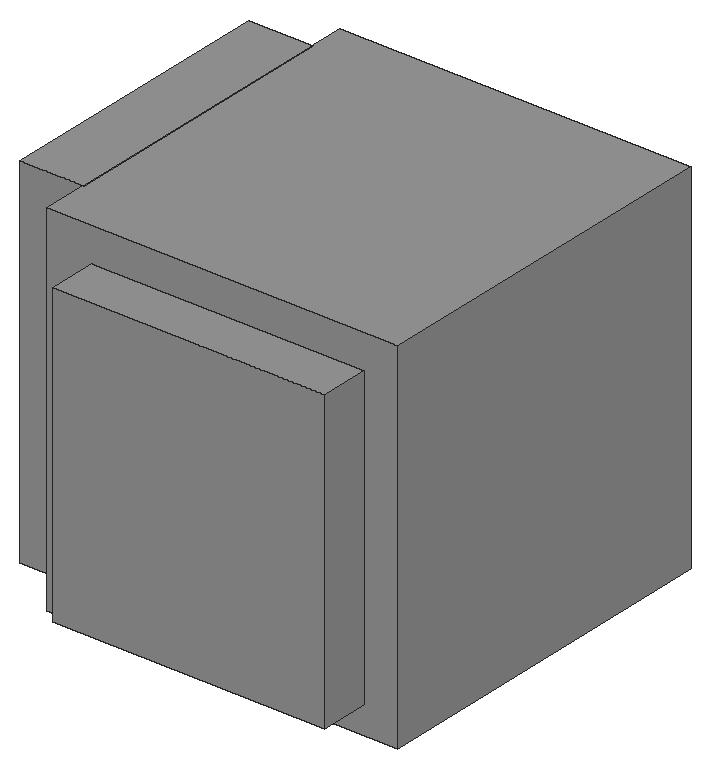
Revit family "АВЛН_Печь муфельная", category Мебель, Revit 2019
Family settings
  Номер OmniClass = 23.40.20.00
  Заголовок OmniClass = General Furniture and Specialties
  На основе рабочей плоскости = Нет
  Всегда вертикально = Да
  При загрузке вырезать с полостями = Нет
  Общий = Нет
  Точка расчета площади = Нет
Parameters (values of type "Печь муфельная")
  Описание = "Печь муфельная; 611х613х530мм; Э1Ф; 2,4кВт"
  Type Comments = ""
  Keynote = ""
  Изготовитель = "\"Электроприбор\""
  Группа модели = "Оборудование основных помещений школы"
  ADSK_Размер_Ширина = 610 mm
  ADSK_Размер_Длина = 610 mm
  ADSK_Размер_Высота = 530 mm
  ADSK_Обозначение = "ПМ-10"
  ADSK_Масса = 0
  ADSK_Код изделия = ""
  ADSK_Единица измерения = "шт"  # constant formula
Reference planes
  plane 1 "По центру (Вперед/Назад)": y = 0
  plane 2: z = 0
  plane 3 "По центру (Влево/Вправо)": x = 0
  plane 4: z = 530
  plane 5: y = 305
  plane 6: x = 305
  plane 7: x = -305
  plane 8: y = -305
  plane 9: y = -232.795
  plane 10: x = -210.412
Forms (mm)
  Extrusion 1, solid, material "Металл, окрашенный, белый, матовый"
    sketch origin (0, -518.993, 592.976) x (-1, 0, 0) y (0, -1, 0)
      loop
        line (210.412, -823.993) -> (210.412, -286.198) -> (-305, -286.198) -> (-305, -823.993) -> (210.412, -823.993)
    from -592.976 to -62.976
  Extrusion 2, solid, material "Металл, окрашенный, белый, матовый"
    sketch origin (-2.74, -518.993, 592.976) x (-1, 0, 0) y (0, -1, 0)
      loop
        line (-257.74, -286.198) -> (142.26, -286.198) -> (142.26, -213.993) -> (-257.74, -213.993) -> (-257.74, -286.198)
    from -552.976 to -112.976
  Extrusion 3, solid, material "Металл, окрашенный, белый, матовый"
    sketch origin (0, -634.686, 592.976) x (-1, 0, 0) y (0, -1, 0)
      loop
        line (210.412, -889.764) -> (305, -889.764) -> (305, -469.764) -> (210.412, -469.764) -> (210.412, -889.764)
    from -592.976 to -62.976
Dimensions and locks
  plane 2 to plane 4 = 530 mm
  equal spacing: plane 8, plane 1 "По центру (Вперед/Назад)", plane 5
  equal spacing: plane 7, plane 3 "По центру (Влево/Вправо)", plane 6
  "ADSK_Размер_Длина": plane 7 to plane 6
  "ADSK_Размер_Ширина": plane 5 to plane 8
  "ADSK_Размер_Высота": plane 2 to plane 4
  plane 5 to Extrusion 3 to Extrusion 3 = 49.923 mm locked, 420 mm locked
  Extrusion 2 to Extrusion 2 to plane 6 = 400 mm, 50 mm locked
  locked: level to Extrusion 2 at 40
  locked: Extrusion 2 to plane 4 at 50
  aligned and locked: level to plane 2
  aligned and locked: Extrusion 1 sketch curve to plane 5
  aligned and locked: plane 10 to Extrusion 1 sketch curve
  aligned and locked: plane 9 to Extrusion 1 sketch curve
  aligned and locked: Extrusion 1 sketch curve to plane 6
  aligned and locked: plane 9 to Extrusion 2 sketch curve
  aligned and locked: Extrusion 2 sketch curve to plane 8
  aligned and locked: plane 10 to Extrusion 3 sketch curve
  aligned and locked: Extrusion 3 sketch curve to plane 7
  aligned and locked: Extrusion 1 to level
  aligned and locked: Extrusion 1 to plane 4
  aligned and locked: Extrusion 3 to level
  aligned and locked: Extrusion 3 to plane 4
Automatic sketch dimensions
  Extrusion 2 sketch curve to plane 6 = 50 mm
  Extrusion 2 sketch curve to plane 3 "По центру (Влево/Вправо)" = 145 mm
  Extrusion 3 sketch curve to plane 5 = 49.923 mm
  plane 1 "По центру (Вперед/Назад)" to Extrusion 3 sketch curve = 164.923 mm
